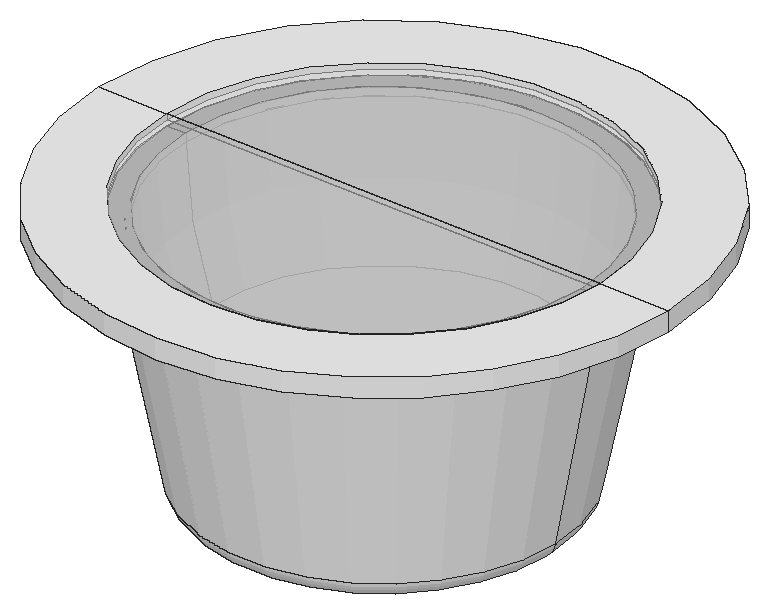
Revit family "2060542+2028034 Sylvania Lighting Fixture ASCENT 100 II ARCH 1000 3K DALI 160 with IP44 Clear Glass", category Lighting Fixtures, host Face, Revit 2016
Family settings
  Host = Face
  Part Type = Normal
  Round Connector Dimension = Use Diameter
  OmniClass Number = 23.80.70.11.17
  OmniClass Title = Specialized Lighting by Location or Use
  Cut with Voids When Loaded = No
  Light Source = Yes
  Shared = No
  Room Calculation Point = No
Parameters (values of type "2060542+2028034 ASCT100 II ARCH 1000 3K DALI 160 with IP44 Clear Glass")
  WidthBezelAcc_SYL = 25.0 mm
  Weight = "1.2 kg"
  Wattage = 7 W
  WarrantyStartDate [instance] = "n/a"
  WarrantyGuarantorParts = "n/a"
  WarrantyDurationUnit = "n/a"
  WarrantyDurationParts = "n/a"
  WarrantyDescription = "n/a"
  built-in parameter 1150110 = 1 (stored number, unit not read)
  Voltage = 0 V
  VisibilityAccessory_SYL = yes
  TypeName = "ASCENT 100 II ARCH 1000 3K DALI 160"
  built-in parameter 1114217 = 1 (stored number, unit not read)
  Tilt Angle = -90°
  built-in parameter 1150109 = 1 (stored number, unit not read)
  built-in parameter 1150134 = (empty or 0)
  built-in parameter 1150113 = 1 (stored number, unit not read)
  SerialNumber [instance] = "n/a"
  ReflectorRadius_SYL = Radius_SYL - 14.5 mm  # 80.0 mm
  RadiusAcc_SYL = 105.0 mm
  Radius_SYL = 94.5 mm
  URL = "http://www.sylvania-lighting.com"
  PowerFactor = 0
  PowerConsumption = "7 W"
  Photometric Web File = "2060542.ies"
  NominalWidth = 0.0 mm
  NominalLength = 0.0 mm
  NominalHeight = 94.0 mm
  Name = "ASCENT 100 II ARCH 1000 3K DALI 160"
  ModelReference = "ASCENT 100 II ARCH 1000 3K DALI 160"
  ModelNumber = "2060542+2028034"
  Material_4_SYL = none
  Material_3_SYL = Polycarbonate_Sylvania_Ascent_Clear
  Material_2_SYL = Aluminium_Sylvania_Ascent_Silver
  Material_1_SYL = Aluminum_Sylvania_Ascent_White
  Material = "aluminium housing, arcylic diffuser"
  ManufacturerName = "Feilo Sylvania"
  LuminousEfficacy = "138 lm/W"
  built-in parameter 1150105 = 76.872 (stored number, unit not read)
  Lumens = 966 lm
  LuminaireType = ""
  built-in parameter 1150115 = 1 (stored number, unit not read)
  LightOutputRatio = "100"
  built-in parameter 1150137 = (empty or 0)
  built-in parameter 1150139 = (empty or 0)
  LampsType = Lamp  # "LED"
  LampNominalLuminous = "968 lm"
  LampMacAdamStep = "3"
  LampColourTemperature = "3000 K"
  LampColourRenderingIndex = "80"
  built-in parameter 1150112 = 1 (stored number, unit not read)
  built-in parameter 1150114 = 1 (stored number, unit not read)
  Keynote = "16500"
  InstallationDate [instance] = "n/a"
  InputVoltage = "n/a"
  InputNominalFrequency = "n/a"
  built-in parameter 1150132 = (empty or 0)
  built-in parameter 1150102 = (empty or 0)
  built-in parameter 1150107 = 3000 (stored number, unit not read)
  built-in parameter 1150138 = (empty or 0)
  IngressProtection = "IP44"
  ImpactProtectionIndex = "IK02"
  built-in parameter 1150106 = 0.76872 (stored number, unit not read)
  IfcExportType = "IfcLightFixtureType"
  IfcExportAs = "IfcLightFixtureType"
  Height_SYL = 94.0 mm
  HeightAcc_SYL = 7.0 mm
  ExpectedLife = 50000
  EmittionSurface_SYL = if(VisibilityAccessory_SYL, 7.0 mm, 3.0 mm)  # 7.0 mm
  Emit from Circle Diameter = DiffuserRadius_SYL * 2  # 146.0 mm
  Emit Shape Visible in Rendering = no
  ElectricShockClassification = "Class II"
  built-in parameter 1150104 = 12.821 (stored number, unit not read)
  DurationUnit = "hours"
  DocumentationLiterature = "http://www.sylvania-lighting.com/product/en-int/products/2060542"
  DimmingControlOptions = "n/a"
  Dimming Lamp Color Temperature Shift = <None>
  DiffuserRadius_SYL = ReflectorRadius_SYL - 7.0 mm  # 73.0 mm
  Diameter_SYL = 2 * Radius_SYL  # 189.0 mm
  CutoutDiameter_SYL = Diameter_SYL - 13.0 mm  # 176.0 mm
  CreatedOn = "9/17/2018"
  CreatedBy = "@sylvania-lighting.com"
  Color Filter = 16777215
  built-in parameter 1114216 [instance] = 1 (stored number, unit not read)
  Model = "ASCENT 100 II ARCH 1000 3K DALI 160"
  Manufacturer = "Feilo Sylvania"
  Lamp = "LED"
  Description = "Direct LED retro fit for original LED 100 Arch (160) single CFL lamp offering Matching lumen levels and improved light distribution of original LED 100 CFL lamp equivalents Typically half the power consumption compared to CFL Up to 112lm/W 160mm aperture Architectural reflector accepts range of glass accessories from existing LED 100 Arch 160 offering HE, HO and VHO versions equivalent of single 1 x 18W, 1 x 32W, 1 x 42W\r\n Additional VVHO versions which offer the performance circa 2 x 32W equivalent"  # constant formula
  Default Elevation = 0.0 mm
  built-in parameter 1140040 [instance] = 1
  BarCode [instance] = "n/a"
  built-in parameter 1114218 = 1 (stored number, unit not read)
  built-in parameter 1150133 = 10 (stored number, unit not read)
  AssetType = "Fixed"
  AssetIdentifier [instance] = "n/a"
  Assembly Code = "D5020200"
  Apparent Load = 7 VA
  Aperture_SYL = 2 * ReflectorRadius_SYL  # 160.0 mm
Reference planes
  plane 1 "Center (Front/Back)": y = 0
  plane 2: z = 0
  plane 3 "Center (Left/Right)": x = 0
  plane 4 "Fixture Bottom": z = 3
  plane 5: z = -52.5
  plane 6 "Fixture Top": z = -91
  plane 7: x = -105
  plane 8: z = 7
  plane 9: x = -80
  plane 10: z = 5
  plane 11: x = -103
Forms (mm)
  Extrusion 1, solid, material "Aluminum_Sylvania_Ascent_White", detail levels fine
    sketch origin (0, 0, 0) x (1, 0, 0) y (0, 1, 0)
      loop
        circle (0, 0) r 94.5
      loop
        circle (0, 0) r 80
    from 0 to 3
  Extrusion 2, void
    sketch origin (0, 0, 0) x (1, 0, 0) y (0, 1, 0)
      loop
        circle (0, 0) r 88
    from -91 to 3
  Revolve 3, solid, material "Aluminum_Sylvania_Ascent_White" <- "Material_1_SYL", detail levels fine
    sketch origin (0, 0, 0) x (1, 0, 0) y (0, 0, 1)
      loop
        line (0, -91.073) -> (0, -89.023) -> (-55.468, -89.014)
        arc (-55.468, -89.014) -> (-59.352, -87.613) -> (-61.54, -84.139) r 6.307
        line (-61.54, -84.139) -> (-77.991, -2.844) -> (-77.991, 0) -> (-80, 0) -> (-80, -3) -> (-63.5, -84.536)
        arc (-63.5, -84.536) -> (-60.643, -89.203) -> (-55.5, -91.073) r 8.291
        line (-55.5, -91.073) -> (0, -91.073)
      axis (0, 0) -> (0, -91.073)
    angle from 0 to 360
  Revolve 4, solid, material "Aluminium_Sylvania_Ascent_Silver" <- "Material_2_SYL", detail levels fine
    sketch origin (0, 0, 0) x (1, 0, 0) y (0, 0, 1)
      loop
        line (-80, 3) -> (-80, 0) -> (-75, 0)
        arc (-75, 0) -> (-72.349, -26.77) -> (-64.5, -52.5) r 136.5
        line (-64.5, -52.5) -> (-58, -52.5)
        arc (-58, -52.5) -> (-56.857, -61.521) -> (-53.5, -69.971) r 36.166
        line (-53.5, -69.971) -> (0, -69.971) -> (0, -50.5) -> (-63.16, -50.5)
        arc (-63.16, -50.5) -> (-70.517, -25.725) -> (-73, 0) r 134.5
        line (-73, 0) -> (-73, 3) -> (-80, 3)
      axis (0, 3) -> (0, -69.971)
    angle from 0 to 360
  Extrusion 5, solid, material "Polycarbonate_Sylvania_Ascent_Clear" <- "Material_3_SYL", detail levels fine
    sketch origin (0, 0, 0) x (1, 0, 0) y (0, 1, 0)
      loop
        circle (0, 0) r 73
    from 0 to 3
  Revolve 6, solid, material "Aluminum_Sylvania_Ascent_White" <- "Material_1_SYL", detail levels coarse+medium
    sketch origin (0, 0, 0) x (1, 0, 0) y (0, 0, 1)
      loop
        line (0, -91.073) -> (0, 3) -> (-94.5, 3) -> (-94.5, 0) -> (-79.5, 0) -> (-79.5, -3) -> (-63, -84.536)
        arc (-63, -84.536) -> (-60.143, -89.203) -> (-55, -91.073) r 8.291
        line (-55, -91.073) -> (0, -91.073)
      axis (0, 3) -> (0, -91.073)
    angle from 0 to 360
  Revolve 7, solid, material "Aluminum_Sylvania_Ascent_White" <- "Material_1_SYL", visible <- "VisibilityAccessory_SYL"
    sketch origin (0, 0, 0) x (1, 0, 0) y (0, 0, 1)
      loop
        line (-105, 0) -> (-103, 0) -> (-103, 5) -> (-80, 5) -> (-80, 7) -> (-105, 7) -> (-105, 0)
      axis (0, 7) -> (0, 0)
    angle from 0 to 360
  Revolve 8, solid, material "Polycarbonate_Sylvania_Ascent_Clear" <- "Material_3_SYL", visible <- "VisibilityAccessory_SYL"
    sketch origin (0, 0, 0) x (1, 0, 0) y (0, 0, 1)
      loop
        line (-80, 7) -> (-80, 5) -> (0, 5) -> (0, 7) -> (-80, 7)
      axis (0, 7) -> (0, 5)
    angle from 0 to 360
Lines and regions (mm)
  reference lines
    curve 1: line (-150, 0, 7) -> (125, 0, 7)
Dimensions and locks
  locked: plane 4 "Fixture Bottom" to plane 2 at 3
  "Height_SYL": plane 4 "Fixture Bottom" to plane 6 "Fixture Top"
  "ReflectorRadius_SYL": plane 3 "Center (Left/Right)" to Revolve 4 sketch curve
  locked: Revolve 4 sketch curve to Revolve 4 sketch curve at 15.5
  locked: Revolve 4 sketch curve to Revolve 4 sketch curve at 5
  locked: Revolve 4 sketch curve to Revolve 4 sketch curve at 7
  locked: Revolve 4 sketch curve to Revolve 4 sketch curve at 22
  locked: Revolve 4 sketch curve to Revolve 4 sketch curve at 26.5
  locked: Revolve 3 sketch curve to Revolve 3 sketch curve at 16.5
  locked: Revolve 3 sketch curve to Revolve 3 sketch curve at 24.5
  "ReflectorRadius_SYL": Revolve 3 sketch curve to plane 3 "Center (Left/Right)"
  locked: Revolve 3 sketch curve to plane 6 "Fixture Top" at 6.464
  locked: plane 2 to Revolve 3 sketch curve at 3
  locked: Revolve 3 sketch curve to Revolve 3 sketch curve at 2
  locked: Revolve 3 sketch curve to Revolve 3 sketch curve at 2.009
  locked: plane 2 to plane 5 at 52.5
  locked: Revolve 6 sketch curve to Revolve 6 sketch curve at 31.5
  locked: Revolve 6 sketch curve to Revolve 6 sketch curve at 39.5
  locked: Revolve 6 sketch curve to Revolve 6 sketch curve at 15
  "Radius_SYL": plane 3 "Center (Left/Right)" to Revolve 6 sketch curve
  "RadiusAcc_SYL": plane 3 "Center (Left/Right)" to plane 7
  "HeightAcc_SYL": plane 8 to level
  "WidthBezelAcc_SYL": plane 7 to plane 9
  locked: plane 7 to plane 11 at 2
  locked: plane 8 to plane 10 at 2
  "EmittionSurface_SYL": curve 1 to level
  "CutoutDiameter_SYL": diameter of Extrusion 2 sketch curve
  "ReflectorRadius_SYL": radius of Extrusion 1 sketch curve
  "DiffuserRadius_SYL": radius of Extrusion 5 sketch curve
  "Radius_SYL": radius of Extrusion 1 sketch curve
  aligned and locked: host face to plane 2
  aligned and locked: host face to level
  aligned and locked: plane 4 "Fixture Bottom" to Extrusion 1
  aligned and locked: Extrusion 1 to plane 2
  aligned and locked: Revolve 3 sketch curve to plane 3 "Center (Left/Right)"
  aligned and locked: Revolve 4 sketch curve to plane 3 "Center (Left/Right)"  (x2)
  aligned and locked: plane 4 "Fixture Bottom" to Revolve 4 sketch curve
  aligned and locked: Extrusion 5 to plane 2
  aligned and locked: plane 2 to Revolve 3 sketch curve  (x2)
  aligned and locked: Revolve 6 sketch curve to plane 3 "Center (Left/Right)"
  aligned and locked: plane 6 "Fixture Top" to Extrusion 2
  aligned and locked: Revolve 7 sketch curve to plane 3 "Center (Left/Right)"
  aligned and locked: host face to Revolve 7 sketch curve  (x2)
  aligned and locked: Revolve 7 sketch curve to plane 7
  aligned and locked: plane 8 to Revolve 7 sketch curve
  aligned and locked: plane 9 to Revolve 7 sketch curve
  aligned and locked: Revolve 7 sketch curve to plane 10
  aligned and locked: plane 11 to Revolve 7 sketch curve
  aligned and locked: Revolve 7 to Revolve 8 sketch curve
  aligned and locked: Revolve 8 sketch curve to Revolve 7  (x2)
  aligned and locked: Revolve 8 sketch curve to plane 3 "Center (Left/Right)"  (x2)
  aligned and locked: plane 3 "Center (Left/Right)" to imposter light
  aligned and locked: imposter light to plane 1 "Center (Front/Back)"
  aligned and locked: imposter light to curve 1
Automatic sketch dimensions
  plane 1 "Center (Front/Back)" to Extrusion 2 sketch curve = 0.0 mm
  Extrusion 2 sketch curve to plane 3 "Center (Left/Right)" = 0.0 mm
  Extrusion 1 sketch curve to Extrusion 1 sketch curve = 0.0 mm  (x2)
  plane 1 "Center (Front/Back)" to Extrusion 1 sketch curve = 0.0 mm
  Extrusion 1 sketch curve to plane 3 "Center (Left/Right)" = 0.0 mm
  plane 6 "Fixture Top" to Revolve 3 sketch curve = 0.073 mm
  Revolve 3 sketch curve to plane 6 "Fixture Top" = 6.861 mm
  Revolve 3 sketch curve to Revolve 3 sketch curve = 0.003 mm
  Revolve 3 sketch curve to Revolve 3 sketch curve = 0.009 mm  (x2)
  Revolve 3 sketch curve to Revolve 3 sketch curve = 0.023 mm
  Revolve 3 sketch curve to Revolve 3 sketch curve = 0.072 mm
  Revolve 3 sketch curve to Revolve 3 sketch curve = 0.008 mm
  Revolve 3 sketch curve to plane 6 "Fixture Top" = 1.977 mm
  Revolve 3 sketch curve to Revolve 3 sketch curve = 33.496 mm
  Revolve 3 sketch curve to Revolve 3 sketch curve = 0.028 mm
  plane 4 "Fixture Bottom" to Revolve 3 sketch curve = 82.431 mm
  Revolve 4 sketch curve to Revolve 4 sketch curve = 0.0 mm  (x2)
  Revolve 4 sketch curve to plane 5 = 0.0 mm
  Revolve 4 sketch curve to level = 0.0 mm
  plane 5 to Revolve 4 sketch curve = 2.0 mm
  plane 4 "Fixture Bottom" to Revolve 4 sketch curve = 9.642 mm
  plane 1 "Center (Front/Back)" to Extrusion 5 sketch curve = 0.0 mm
  Extrusion 5 sketch curve to plane 3 "Center (Left/Right)" = 0.0 mm
  Revolve 4 sketch curve to level = 69.971 mm
  Revolve 4 sketch curve to Revolve 4 sketch curve = 2.387 mm
  Revolve 6 sketch curve to level = 0.0 mm
  Revolve 6 sketch curve to plane 3 "Center (Left/Right)" = 0.0 mm
  Revolve 6 sketch curve to Revolve 6 sketch curve = 8.104 mm
  Revolve 6 sketch curve to level = 3.0 mm
  Revolve 6 sketch curve to plane 6 "Fixture Top" = 6.464 mm
  plane 6 "Fixture Top" to Revolve 6 sketch curve = 0.073 mm
  Revolve 6 sketch curve to Revolve 6 sketch curve = 33.496 mm
  plane 4 "Fixture Bottom" to Revolve 6 sketch curve = 82.431 mm
  host sketch curve to host sketch curve = 1704.996 mm
  host sketch curve to host sketch curve = 1500.0 mm
  plane 6 "Fixture Top" to Revolve 7 sketch curve = 281.274 mm
  Revolve 7 sketch curve to plane 8 = 1140.706 mm
  plane 6 "Fixture Top" to Revolve 8 sketch curve = 281.274 mm
  Revolve 8 sketch curve to Revolve 8 sketch curve = 1140.706 mm
  Revolve 3 sketch curve to plane 3 "Center (Left/Right)" = 0.0 mm
  Revolve 6 sketch curve to plane 4 "Fixture Bottom" = 0.0 mm
  plane 7 to curve 1 = 45.0 mm
  plane 3 "Center (Left/Right)" to curve 1 = 125.0 mm
Connectors
  electrical at (0, 0, -91.073), driven by "Apparent Load"
    settings: on Revolve 3, index 1, voltage 240 V, apparent load 0 VA, apparent load phase1 7 VA, apparent load phase2 0 VA, apparent load phase3 0 VA, power factor 1, load classification "Lighting", number of poles 1, system type 31, power factor state 1, is connector primary yes, connector utility no, sub classification motor no, connector description ""
